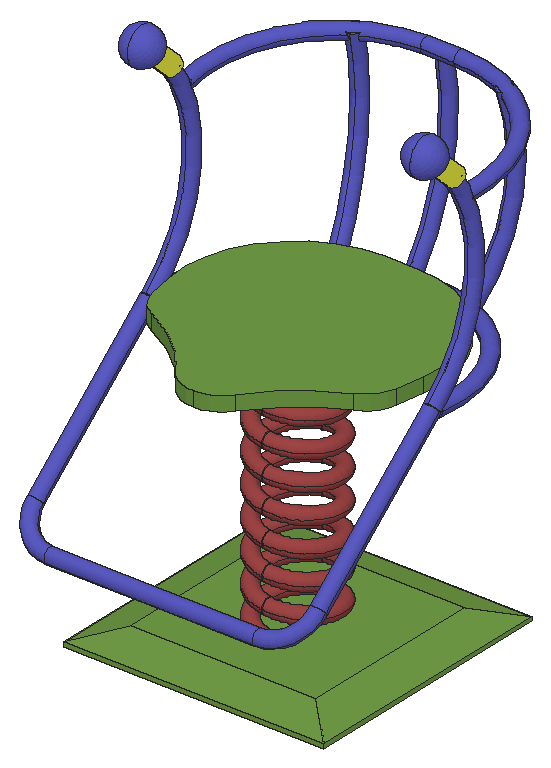
Revit family "Children039s_Spring_Seater", category Generic Models, host Floor, Revit 2020
Family settings
  Host = Floor
  Can host rebar = No
  Round Connector Dimension = Use Diameter
  Part Type = Normal
  Always vertical = Yes
  Cut with Voids When Loaded = No
  Shared = No
  Room Calculation Point = No
Parameters
  Post 1 = 0-PE_Post 1
  MAT 2 = 0-PE_Mat 2
  MAT 1 = 0-PE_Mat 1
  Default Elevation = 0 mm
  BASE = 0-PE_Mat 3
Reference planes
  plane 1 "Center (Front/Back)": y = 0
  plane 2: z = 0
  plane 3 "Center (Left/Right)": x = 0
Forms (mm)
  SweptBlend 1, solid, material "0-PE_Post 1" <- "Post 1"
    path origin (0, 0, 0) x (1, 0, 0) y (0, 1, 0)
      loop
        arc (0, -50) -> (-50, 0) -> (0, 50) r 50
    profile origin (0, -50, 0) x (0, -1, 0) y (0, 0, 1)
      loop
        circle (0, 15) r 10
    end profile origin (0, 50, 0) x (0, 1, 0) y (0, 0, 1)
      loop
        circle (0, 35) r 10
  SweptBlend 2, solid, material "0-PE_Post 1" <- "Post 1"
    path origin (0, 0, 70) x (0, 1, 0) y (-1, 0, 0)
      loop
        arc (-50, 0) -> (0, -50) -> (50, 0) r 50
    profile origin (0, -50, 70) x (0, 1, 0) y (0, 0, 1)
      loop
        circle (0, -15) r 10
    end profile origin (0, 50, 70) x (0, -1, 0) y (0, 0, 1)
      loop
        circle (0, -35) r 10
  SweptBlend 3, solid, material "0-PE_Post 1" <- "Post 1", not visible
    path origin (0, 0, 0) x (1, 0, 0) y (0, 1, 0)
      loop
        arc (0, -50) -> (-50, 0) -> (0, 50) r 50
    profile origin (0, -50, 0) x (0, -1, 0) y (0, 0, 1)
      loop
        circle (0, 15) r 10
    end profile origin (0, 50, 0) x (0, 1, 0) y (0, 0, 1)
      loop
        circle (0, 35) r 10
  SweptBlend 4, solid, material "0-PE_Post 1" <- "Post 1", not visible
    path origin (0, 0, 70) x (0, 1, 0) y (-1, 0, 0)
      loop
        arc (-50, 0) -> (0, -50) -> (50, 0) r 50
    profile origin (0, -50, 70) x (0, 1, 0) y (0, 0, 1)
      loop
        circle (0, -15) r 10
    end profile origin (0, 50, 70) x (0, -1, 0) y (0, 0, 1)
      loop
        circle (0, -35) r 10
  SweptBlend 5, solid, material "0-PE_Post 1" <- "Post 1"
    path origin (0, 0, 40) x (1, 0, 0) y (0, 1, 0)
      loop
        arc (0, -50) -> (-50, 0) -> (0, 50) r 50
    profile origin (0, -50, 40) x (0, -1, 0) y (0, 0, 1)
      loop
        circle (0, 15) r 10
    end profile origin (0, 50, 40) x (0, 1, 0) y (0, 0, 1)
      loop
        circle (0, 35) r 10
  SweptBlend 6, solid, material "0-PE_Post 1" <- "Post 1"
    path origin (0, 0, 110) x (0, 1, 0) y (-1, 0, 0)
      loop
        arc (-50, 0) -> (0, -50) -> (50, 0) r 50
    profile origin (0, -50, 110) x (0, 1, 0) y (0, 0, 1)
      loop
        circle (0, -15) r 10
    end profile origin (0, 50, 110) x (0, -1, 0) y (0, 0, 1)
      loop
        circle (0, -35) r 10
  SweptBlend 7, solid, material "0-PE_Post 1" <- "Post 1"
    path origin (0, 0, 80) x (1, 0, 0) y (0, 1, 0)
      loop
        arc (0, -50) -> (-50, 0) -> (0, 50) r 50
    profile origin (0, -50, 80) x (0, -1, 0) y (0, 0, 1)
      loop
        circle (0, 15) r 10
    end profile origin (0, 50, 80) x (0, 1, 0) y (0, 0, 1)
      loop
        circle (0, 35) r 10
  SweptBlend 8, solid, material "0-PE_Post 1" <- "Post 1"
    path origin (0, 0, 150) x (0, 1, 0) y (-1, 0, 0)
      loop
        arc (-50, 0) -> (0, -50) -> (50, 0) r 50
    profile origin (0, -50, 150) x (0, 1, 0) y (0, 0, 1)
      loop
        circle (0, -15) r 10
    end profile origin (0, 50, 150) x (0, -1, 0) y (0, 0, 1)
      loop
        circle (0, -35) r 10
  SweptBlend 9, solid, material "0-PE_Post 1" <- "Post 1"
    path origin (0, 0, 120) x (1, 0, 0) y (0, 1, 0)
      loop
        arc (0, -50) -> (-50, 0) -> (0, 50) r 50
    profile origin (0, -50, 120) x (0, -1, 0) y (0, 0, 1)
      loop
        circle (0, 15) r 10
    end profile origin (0, 50, 120) x (0, 1, 0) y (0, 0, 1)
      loop
        circle (0, 35) r 10
  SweptBlend 10, solid, material "0-PE_Post 1" <- "Post 1"
    path origin (0, 0, 190) x (0, 1, 0) y (-1, 0, 0)
      loop
        arc (-50, 0) -> (0, -50) -> (50, 0) r 50
    profile origin (0, -50, 190) x (0, 1, 0) y (0, 0, 1)
      loop
        circle (0, -15) r 10
    end profile origin (0, 50, 190) x (0, -1, 0) y (0, 0, 1)
      loop
        circle (0, -35) r 10
  SweptBlend 11, solid, material "0-PE_Post 1" <- "Post 1"
    path origin (0, 0, 160) x (1, 0, 0) y (0, 1, 0)
      loop
        arc (0, -50) -> (-50, 0) -> (0, 50) r 50
    profile origin (0, -50, 160) x (0, -1, 0) y (0, 0, 1)
      loop
        circle (0, 15) r 10
    end profile origin (0, 50, 160) x (0, 1, 0) y (0, 0, 1)
      loop
        circle (0, 35) r 10
  SweptBlend 12, solid, material "0-PE_Post 1" <- "Post 1"
    path origin (0, 0, 230) x (0, 1, 0) y (-1, 0, 0)
      loop
        arc (-50, 0) -> (0, -50) -> (50, 0) r 50
    profile origin (0, -50, 230) x (0, 1, 0) y (0, 0, 1)
      loop
        circle (0, -15) r 10
    end profile origin (0, 50, 230) x (0, -1, 0) y (0, 0, 1)
      loop
        circle (0, -35) r 10
  SweptBlend 13, solid, material "0-PE_Post 1" <- "Post 1"
    path origin (0, 0, 200) x (1, 0, 0) y (0, 1, 0)
      loop
        arc (0, -50) -> (-50, 0) -> (0, 50) r 50
    profile origin (0, -50, 200) x (0, -1, 0) y (0, 0, 1)
      loop
        circle (0, 15) r 10
    end profile origin (0, 50, 200) x (0, 1, 0) y (0, 0, 1)
      loop
        circle (0, 35) r 10
  SweptBlend 14, solid, material "0-PE_Post 1" <- "Post 1"
    path origin (0, 0, 270) x (0, 1, 0) y (-1, 0, 0)
      loop
        arc (-50, 0) -> (0, -50) -> (50, 0) r 50
    profile origin (0, -50, 270) x (0, 1, 0) y (0, 0, 1)
      loop
        circle (0, -15) r 10
    end profile origin (0, 50, 270) x (0, -1, 0) y (0, 0, 1)
      loop
        circle (0, -35) r 10
  Extrusion 15, solid, material "0-PE_Mat 3" <- "BASE"
    sketch origin (0, 0, 0) x (1, 0, 0) y (0, 1, 0)
      loop
        line (-175, -175) -> (175, -175) -> (175, 175) -> (-175, 175) -> (-175, -175)
    from 0 to 5
  Blend 16, solid, material "0-PE_Mat 3" <- "BASE"
    base sketch origin (0, 0, 5) x (1, 0, 0) y (0, 1, 0)
      loop
        line (-175, -175) -> (175, -175) -> (175, 175) -> (-175, 175) -> (-175, -175)
    top sketch origin (0, 0, 5) x (1, 0, 0) y (0, 1, 0)
      loop
        line (-125, 125) -> (-125, -125) -> (125, -125) -> (125, 125) -> (-125, 125)
    from 0 to 15
  Extrusion 17, solid, material "0-PE_Mat 3" <- "BASE"
    sketch origin (0, 0, 350) x (1, 0, 0) y (0, 1, 0)
      loop
        line (-170.407, -1.047) -> (-163.824, -38.38)
        arc (-163.824, -38.38) -> (-154.349, -60.008) -> (-136.006, -74.877) r 50
        arc (-136.006, -74.877) -> (-83.252, -108.562) -> (-40.519, -154.295) r 250
        arc (-40.519, -154.295) -> (-22.751, -169.524) -> (0, -175) r 50
        arc (0, -175) -> (22.751, -169.524) -> (40.519, -154.295) r 50
        arc (40.519, -154.295) -> (83.252, -108.562) -> (136.006, -74.877) r 250
        arc (136.006, -74.877) -> (154.349, -60.008) -> (163.824, -38.38) r 50
        line (163.824, -38.38) -> (170.407, -1.047)
        arc (170.407, -1.047) -> (137.593, 121.418) -> (22.686, 175) r 150
        line (22.686, 175) -> (-22.686, 175)
        arc (-22.686, 175) -> (-137.593, 121.418) -> (-170.407, -1.047) r 150
    from 0 to 20
  SweptBlend 18, solid, material "0-PE_Post 1" <- "Post 1"
    path origin (0, 0, 239.999) x (1, 0, 0) y (0, 1, 0)
      loop
        arc (0, -50) -> (-50, 0) -> (0, 50) r 50
    profile origin (0, -50, 239.999) x (0, -1, 0) y (0, 0, 1)
      loop
        circle (0, 15) r 10
    end profile origin (0, 50, 239.999) x (0, 1, 0) y (0, 0, 1)
      loop
        circle (0, 35) r 10
  SweptBlend 19, solid, material "0-PE_Post 1" <- "Post 1"
    path origin (0, 0, 309.999) x (0, 1, 0) y (-1, 0, 0)
      loop
        arc (-50, 0) -> (0, -50) -> (50, 0) r 50
    profile origin (0, -50, 309.999) x (0, 1, 0) y (0, 0, 1)
      loop
        circle (0, -15) r 10
    end profile origin (0, 50, 309.999) x (0, -1, 0) y (0, 0, 1)
      loop
        circle (0, -35) r 10
  SweptBlend 20, solid, material "0-PE_Post 1" <- "Post 1"
    path origin (0, 0, 279.999) x (1, 0, 0) y (0, 1, 0)
      loop
        arc (0, -50) -> (-50, 0) -> (0, 50) r 50
    profile origin (0, -50, 279.999) x (0, -1, 0) y (0, 0, 1)
      loop
        circle (0, 15) r 10
    end profile origin (0, 50, 279.999) x (0, 1, 0) y (0, 0, 1)
      loop
        circle (0, 35) r 10
  SweptBlend 21, solid, material "0-PE_Post 1" <- "Post 1"
    path origin (0, 0, 349.999) x (0, 1, 0) y (-1, 0, 0)
      loop
        arc (-50, 0) -> (0, -50) -> (50, 0) r 50
    profile origin (0, -50, 349.999) x (0, 1, 0) y (0, 0, 1)
      loop
        circle (0, -15) r 10
    end profile origin (0, 50, 349.999) x (0, -1, 0) y (0, 0, 1)
      loop
        circle (0, -35) r 10
  Sweep 22, solid, material "0-PE_Mat 1"
    path origin (0, 0, 340) x (1, 0, 0) y (0, 1, 0)
      loop
        arc (190.103, -4.52) -> (152.914, 134.274) -> (22.686, 195) r 170
        line (22.686, 195) -> (-22.686, 195)
        arc (-22.686, 195) -> (-152.914, 134.274) -> (-190.103, -4.52) r 170
    profile origin (-152.914, 134.274, 340) x (0.766044, -0.642788, 0) y (0, 0, 1)
      loop
        circle (0, 0) r 10
  Sweep 23, solid, material "0-PE_Mat 1"
    path origin (0, 50.56, 577.169) x (1, 0, 0) y (0, 0.996195, 0.087156)
      loop
        arc (190.103, -4.52) -> (152.914, 134.274) -> (22.686, 195) r 170
        line (22.686, 195) -> (-22.686, 195)
        arc (-22.686, 195) -> (-152.914, 134.274) -> (-190.103, -4.52) r 170
    profile origin (-152.914, 184.323, 588.872) x (0.766044, -0.640342, -0.056023) y (0, -0.087156, 0.996195)
      loop
        circle (0, 0) r 10
  Sweep 24, solid, material "0-PE_Mat 1"
    path origin (-287.899, -302.169, 99.409) x (1, 0, 0) y (0, 0.766044, 0.642788)
      loop
        line (97.948, 379.283) -> (97.948, 129.762)
        arc (97.948, 129.762) -> (112.593, 94.407) -> (147.948, 79.762) r 50
        line (147.948, 79.762) -> (428.155, 79.762)
        arc (428.155, 79.762) -> (463.51, 94.407) -> (478.155, 129.762) r 50
        line (478.155, 129.762) -> (478.155, 379.283)
    profile origin (0.152, -241.067, 150.679) x (0, 0.766044, 0.642788) y (0, -0.642788, 0.766044)
      loop
        circle (0, 0) r 10
  Sweep 25, solid, material "0-PE_Mat 1"
    path origin (-175, 45.914, 266.849) x (0, -0.939693, 0.34202) y (0, 0.34202, 0.939693)
      loop
        arc (80.302, 51.871) -> (63.84, 217.489) -> (182.908, 333.779) r 192.06
    profile origin (-175, 60.31, 493.057) x (0, 1, 0) y (-1, 0, 0)
      loop
        circle (0, 15) r 10
  Sweep 26, solid, material "0-PE_Mat 2"
    path origin (-175, 175.354, 337.747) x (0, -0.953814, -0.300399) y (0, -0.300399, 0.953814)
      loop
        arc (86.799, 347.431) -> (73.196, 324.901) -> (61.816, 301.171) r 274.268
    profile origin (-175, 7.938, 625.654) x (0, -0.696506, -0.717551) y (-1, 0, 0)
      loop
        circle (0, 15) r 10
      loop
        circle (0, 15) r 13
  Sweep 27, solid, material "0-PE_Mat 1"
    path origin (-175, -3.994, 636.812) x (0, 0.624525, 0.781005) y (-1, 0, 0)
      loop
        circle (0, 15) r 13
    profile origin (-177, -3.994, 636.812) x (-1, 0, 0) y (0, -0.781005, 0.624525)
      loop
        line (12.5, 0.005) -> (12.5, 49.995)
        arc (12.5, 49.995) -> (-12, 25) -> (12.5, 0.005) r 25
  Sweep 28, solid, material "0-PE_Mat 1"
    path origin (175, 45.914, 266.849) x (0, -0.939693, 0.34202) y (0, -0.34202, -0.939693)
      loop
        arc (80.302, -51.871) -> (63.84, -217.489) -> (182.908, -333.779) r 192.06
    profile origin (175, 60.31, 493.057) x (0, -1, 0) y (1, 0, 0)
      loop
        circle (0, 15) r 10
  Sweep 29, solid, material "0-PE_Mat 2"
    path origin (175, 175.354, 337.747) x (0, -0.953814, -0.300399) y (0, 0.300399, -0.953814)
      loop
        arc (86.799, -347.431) -> (73.196, -324.901) -> (61.816, -301.171) r 274.268
    profile origin (175, 7.938, 625.654) x (0, 0.696506, 0.717551) y (1, 0, 0)
      loop
        circle (0, 15) r 10
      loop
        circle (0, 15) r 13
  Sweep 30, solid, material "0-PE_Mat 1"
    path origin (175, -3.994, 636.812) x (0, 0.624525, 0.781005) y (-1, 0, 0)
      loop
        circle (0, -15) r 13
    profile origin (177, -3.994, 636.812) x (-1, 0, 0) y (0, -0.781005, 0.624525)
      loop
        arc (-12.5, 0.005) -> (12, 25) -> (-12.5, 49.995) r 25
        line (-12.5, 49.995) -> (-12.5, 0.005)
  Sweep 31, solid, material "0-PE_Mat 1"
    path origin (14.967, 45.275, 266.849) x (0, -0.939693, 0.34202) y (0, 0.34202, 0.939693)
      loop
        arc (-111.96, 124.081) -> (-122.381, 254.298) -> (-76.471, 376.599) r 300
    profile origin (14.967, 247.25, 463.955) x (0, 0.978148, -0.207912) y (-1, 0, 0)
      loop
        circle (0, 15) r 10
  Sweep 32, solid, material "0-PE_Mat 1"
    path origin (-37.521, 40.205, 266.849) x (0.24321, -0.907673, 0.34202) y (-0.088521, 0.330366, 0.939693)
      loop
        arc (-66.471, 376.599) -> (-123.153, 255.393) -> (-111.344, 122.11) r 257.43
    profile origin (-90.081, 236.361, 464.719) x (0.254887, -0.951251, 0.173648) y (-0.965926, -0.258819, 0)
      loop
        circle (0, 15) r 10
  Sweep 33, solid, material "0-PE_Mat 1"
    path origin (37.521, 40.205, 266.849) x (-0.24321, -0.907673, 0.34202) y (-0.088521, -0.330366, -0.939693)
      loop
        arc (-66.471, -376.599) -> (-123.153, -255.393) -> (-111.344, -122.11) r 257.43
    profile origin (90.081, 236.361, 464.719) x (0.254887, 0.951251, -0.173648) y (0.965926, -0.258819, 0)
      loop
        circle (0, 15) r 10
Cuts and joins
  joined: Sweep 22, Sweep 25, Sweep 28
Lines and regions (mm)
  model lines
    curve 1: arc (-22.686, 175, 350) -> (-137.593, 121.418, 350) -> (-170.407, -1.047, 350) r 150
    curve 2: line (22.686, 175, 350) -> (-22.686, 175, 350)
    curve 3: arc (170.407, -1.047, 350) -> (137.593, 121.418, 350) -> (22.686, 175, 350) r 150
    curve 5: arc (-190, -3.685, 653.21) -> (-203, -11.804, 643.057) -> (-190, -19.923, 632.904) r 13
    curve 6: arc (-190, -19.923, 632.904) -> (-177, -11.804, 643.057) -> (-190, -3.685, 653.21) r 13
  symbolic lines
    curve 4: line (0, -5.482, 572.266) -> (0, 203.718, 590.569)
Dimensions and locks
  aligned and locked: level to plane 2
